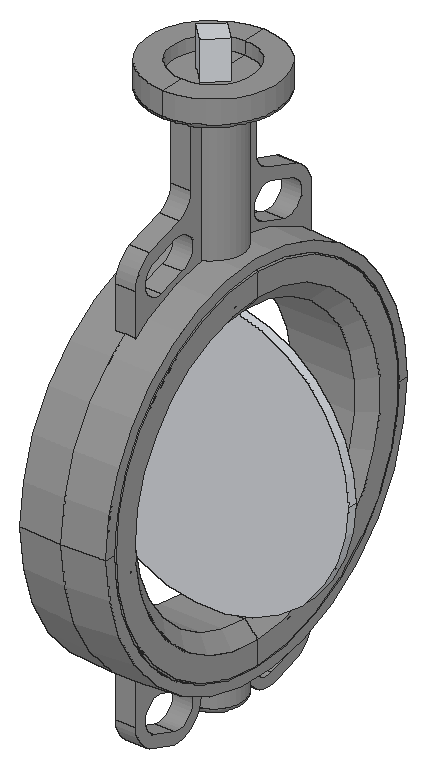
Revit family "HERZ Isolating Butterfly Valves ZF-4219", category Rohrzubehör, Revit 2018 (continued)
Automatic sketch dimensions
  Extrusion 8 sketch curve to Extrusion 8 sketch curve = 9.76 mm  (x2)
  Extrusion 8 sketch curve to Extrusion 8 sketch curve = 46.144 mm
  Extrusion 8 sketch curve to Extrusion 8 sketch curve = 0.006 mm
  Extrusion 8 sketch curve to Extrusion 8 sketch curve = 0.159 mm  (x2)
  Extrusion 8 sketch curve to Extrusion 8 sketch curve = 0.225 mm  (x2)
  Extrusion 8 sketch curve to Extrusion 8 sketch curve = 3.156 mm
  Extrusion 7 sketch curve to Extrusion 7 sketch curve = 0 mm  (x29)
  Extrusion 7 sketch curve to level = 0 mm
  Extrusion 7 sketch curve to plane 1 "Mitte (Vorne/hinten)" = 0 mm
  Extrusion 7 sketch curve to Extrusion 7 sketch curve = 4.987 mm  (x2)
  plane 1 "Mitte (Vorne/hinten)" to Extrusion 7 sketch curve = 42.642 mm
  Extrusion 7 sketch curve to Extrusion 7 sketch curve = 3.28 mm  (x2)
  Extrusion 7 sketch curve to Extrusion 7 sketch curve = 14.935 mm  (x2)
  Extrusion 7 sketch curve to Extrusion 7 sketch curve = 11.589 mm  (x2)
  Extrusion 7 sketch curve to Extrusion 7 sketch curve = 14.868 mm  (x2)
  Extrusion 7 sketch curve to Extrusion 7 sketch curve = 33.628 mm  (x4)
  Extrusion 7 sketch curve to Extrusion 7 sketch curve = 3.946 mm  (x4)
  Extrusion 7 sketch curve to Extrusion 7 sketch curve = 12.021 mm  (x8)
  Extrusion 7 sketch curve to Extrusion 7 sketch curve = 8.075 mm  (x8)
  plane 1 "Mitte (Vorne/hinten)" to Extrusion 7 sketch curve = 21.03 mm
  Extrusion 7 sketch curve to Extrusion 7 sketch curve = 5.5 mm
  Extrusion 7 sketch curve to Extrusion 7 sketch curve = 0.54 mm  (x2)
  Extrusion 7 sketch curve to Extrusion 7 sketch curve = 0.103 mm
  Extrusion 7 sketch curve to Extrusion 7 sketch curve = 1.99 mm  (x2)
  plane 1 "Mitte (Vorne/hinten)" to Extrusion 7 sketch curve = 18.5 mm
  Extrusion 7 sketch curve to plane 1 "Mitte (Vorne/hinten)" = 18.5 mm  (x2)
  Extrusion 7 sketch curve to Extrusion 7 sketch curve = 1.897 mm
  Extrusion 7 sketch curve to Extrusion 7 sketch curve = 2 mm
  Extrusion 7 sketch curve to Extrusion 7 sketch curve = 21.612 mm
  Extrusion 7 sketch curve to level = 59.454 mm  (x2)
  Extrusion 7 sketch curve to Extrusion 7 sketch curve = 10.049 mm  (x4)
  Extrusion 7 sketch curve to Extrusion 7 sketch curve = 20.666 mm  (x2)
  Extrusion 7 sketch curve to Extrusion 7 sketch curve = 1.725 mm  (x2)
  Extrusion 7 sketch curve to Extrusion 7 sketch curve = 12.438 mm  (x4)
  level to Extrusion 7 sketch curve = 59.454 mm  (x2)
  Extrusion 7 sketch curve to Extrusion 7 sketch curve = 15.768 mm  (x2)
  Extrusion 7 sketch curve to Extrusion 7 sketch curve = 0.361 mm  (x2)
  Extrusion 7 sketch curve to Extrusion 7 sketch curve = 69.242 mm
  Extrusion 7 sketch curve to Extrusion 7 sketch curve = 0.014 mm
  Extrusion 7 sketch curve to Extrusion 7 sketch curve = 0.29 mm  (x2)
  Extrusion 6 sketch curve to Extrusion 6 sketch curve = 0 mm  (x31)
  Extrusion 6 sketch curve to level = 0 mm
  Extrusion 6 sketch curve to plane 1 "Mitte (Vorne/hinten)" = 0 mm
  plane 1 "Mitte (Vorne/hinten)" to Extrusion 6 sketch curve = 18.5 mm  (x2)
  Extrusion 6 sketch curve to Extrusion 6 sketch curve = 1.897 mm  (x2)
  Extrusion 6 sketch curve to Extrusion 6 sketch curve = 2 mm
  Extrusion 6 sketch curve to Extrusion 6 sketch curve = 4.154 mm  (x2)
  Extrusion 6 sketch curve to Extrusion 6 sketch curve = 5.603 mm
  Extrusion 6 sketch curve to Extrusion 6 sketch curve = 12 mm  (x2)
  Extrusion 6 sketch curve to Extrusion 6 sketch curve = 21.682 mm  (x2)
  Extrusion 6 sketch curve to Extrusion 6 sketch curve = 2.182 mm  (x2)
  Extrusion 6 sketch curve to Extrusion 6 sketch curve = 11.109 mm  (x4)
  Extrusion 6 sketch curve to Extrusion 6 sketch curve = 30.529 mm  (x4)
  Extrusion 6 sketch curve to Extrusion 6 sketch curve = 4.781 mm  (x4)
  Extrusion 6 sketch curve to Extrusion 6 sketch curve = 1.414 mm  (x8)
  Extrusion 6 sketch curve to Extrusion 6 sketch curve = 7.24 mm  (x8)
  Extrusion 6 sketch curve to Extrusion 6 sketch curve = 12.021 mm  (x8)
  Extrusion 6 sketch curve to plane 1 "Mitte (Vorne/hinten)" = 18.5 mm
  Extrusion 6 sketch curve to Extrusion 6 sketch curve = 7.5 mm
  Extrusion 6 sketch curve to Extrusion 6 sketch curve = 0.103 mm
  Extrusion 6 sketch curve to level = 50.036 mm  (x2)
  Extrusion 6 sketch curve to Extrusion 6 sketch curve = 17.112 mm  (x2)
  Extrusion 6 sketch curve to Extrusion 6 sketch curve = 9.185 mm  (x4)
  Extrusion 6 sketch curve to Extrusion 6 sketch curve = 20.608 mm  (x2)
  Extrusion 6 sketch curve to Extrusion 6 sketch curve = 12.868 mm  (x3)
  Extrusion 6 sketch curve to Extrusion 6 sketch curve = 9.096 mm  (x2)
  level to Extrusion 6 sketch curve = 50.036 mm  (x2)
  Extrusion 6 sketch curve to Extrusion 6 sketch curve = 17 mm
  Extrusion 6 sketch curve to Extrusion 6 sketch curve = 56.845 mm
  Extrusion 6 sketch curve to Extrusion 6 sketch curve = 0.017 mm
  Extrusion 6 sketch curve to Extrusion 6 sketch curve = 0.29 mm  (x2)
  Extrusion 5 sketch curve to Extrusion 5 sketch curve = 0 mm  (x25)
  Extrusion 5 sketch curve to level = 0 mm
  Extrusion 5 sketch curve to plane 1 "Mitte (Vorne/hinten)" = 0 mm
  plane 1 "Mitte (Vorne/hinten)" to Extrusion 5 sketch curve = 18.5 mm  (x2)
  Extrusion 5 sketch curve to Extrusion 5 sketch curve = 0.579 mm  (x2)
  Extrusion 5 sketch curve to Extrusion 5 sketch curve = 1.897 mm  (x2)
  Extrusion 5 sketch curve to Extrusion 5 sketch curve = 0.103 mm
  Extrusion 5 sketch curve to Extrusion 5 sketch curve = 5.603 mm
  Extrusion 5 sketch curve to Extrusion 5 sketch curve = 15.942 mm  (x4)
  Extrusion 5 sketch curve to Extrusion 5 sketch curve = 13 mm  (x2)
  Extrusion 5 sketch curve to Extrusion 5 sketch curve = 11.367 mm  (x4)
  Extrusion 5 sketch curve to Extrusion 5 sketch curve = 25.663 mm  (x4)
  Extrusion 5 sketch curve to Extrusion 5 sketch curve = 4.027 mm  (x4)
  Extrusion 5 sketch curve to Extrusion 5 sketch curve = 12.021 mm  (x5)
  Extrusion 5 sketch curve to Extrusion 5 sketch curve = 9.55 mm  (x4)
  Extrusion 5 sketch curve to Extrusion 5 sketch curve = 7.5 mm
  Extrusion 5 sketch curve to plane 1 "Mitte (Vorne/hinten)" = 18.5 mm  (x2)
  Extrusion 5 sketch curve to Extrusion 5 sketch curve = 2 mm
  Extrusion 5 sketch curve to level = 38.887 mm  (x2)
  Extrusion 5 sketch curve to Extrusion 5 sketch curve = 10.986 mm  (x3)
  Extrusion 5 sketch curve to Extrusion 5 sketch curve = 10.231 mm  (x3)
  Extrusion 5 sketch curve to Extrusion 5 sketch curve = 10.467 mm  (x4)
  Extrusion 5 sketch curve to Extrusion 5 sketch curve = 12.18 mm  (x2)
  Extrusion 5 sketch curve to Extrusion 5 sketch curve = 12.641 mm  (x4)
  Extrusion 5 sketch curve to Extrusion 5 sketch curve = 9.983 mm  (x2)
  level to Extrusion 5 sketch curve = 38.887 mm  (x2)
  Extrusion 5 sketch curve to Extrusion 5 sketch curve = 21.217 mm
  Extrusion 5 sketch curve to Extrusion 5 sketch curve = 16.969 mm  (x2)
  Extrusion 5 sketch curve to Extrusion 5 sketch curve = 51.117 mm
  Extrusion 5 sketch curve to Extrusion 5 sketch curve = 0.01 mm
  Extrusion 5 sketch curve to Extrusion 5 sketch curve = 0.29 mm  (x2)
  level to Extrusion 5 sketch curve = 49.873 mm
  Extrusion 4 sketch curve to Extrusion 4 sketch curve = 0 mm  (x28)
  Extrusion 4 sketch curve to level = 0 mm
  Extrusion 4 sketch curve to plane 1 "Mitte (Vorne/hinten)" = 0 mm
  plane 1 "Mitte (Vorne/hinten)" to Extrusion 4 sketch curve = 18.5 mm  (x2)
  Extrusion 4 sketch curve to Extrusion 4 sketch curve = 1.897 mm  (x2)
  Extrusion 4 sketch curve to Extrusion 4 sketch curve = 0.103 mm  (x2)
  Extrusion 4 sketch curve to Extrusion 4 sketch curve = 5.603 mm  (x2)
  Extrusion 4 sketch curve to Extrusion 4 sketch curve = 12.115 mm  (x4)
  Extrusion 4 sketch curve to Extrusion 4 sketch curve = 9 mm  (x2)
  Extrusion 4 sketch curve to Extrusion 4 sketch curve = 11.39 mm  (x2)
  Extrusion 4 sketch curve to Extrusion 4 sketch curve = 7.005 mm  (x2)
  Extrusion 4 sketch curve to Extrusion 4 sketch curve = 22.772 mm  (x4)
  Extrusion 4 sketch curve to Extrusion 4 sketch curve = 4.597 mm  (x4)
  Extrusion 4 sketch curve to Extrusion 4 sketch curve = 1.485 mm  (x4)
  Extrusion 4 sketch curve to Extrusion 4 sketch curve = 12.021 mm  (x4)
  Extrusion 4 sketch curve to Extrusion 4 sketch curve = 9.247 mm  (x4)
  Extrusion 4 sketch curve to plane 1 "Mitte (Vorne/hinten)" = 18.5 mm  (x2)
  Extrusion 4 sketch curve to level = 31.935 mm  (x2)
  Extrusion 4 sketch curve to Extrusion 4 sketch curve = 1.34 mm  (x4)
  Extrusion 4 sketch curve to Extrusion 4 sketch curve = 10.245 mm  (x4)
  Extrusion 4 sketch curve to Extrusion 4 sketch curve = 9.866 mm  (x4)
  Extrusion 4 sketch curve to Extrusion 4 sketch curve = 9.447 mm  (x4)
  Extrusion 4 sketch curve to Extrusion 4 sketch curve = 11.077 mm  (x4)
  Extrusion 4 sketch curve to Extrusion 4 sketch curve = 11.926 mm  (x2)
  level to Extrusion 4 sketch curve = 31.935 mm  (x2)
  Extrusion 4 sketch curve to Extrusion 4 sketch curve = 12.62 mm  (x2)
  Extrusion 4 sketch curve to Extrusion 4 sketch curve = 12.99 mm  (x2)
  Extrusion 4 sketch curve to Extrusion 4 sketch curve = 41.354 mm
  Extrusion 4 sketch curve to Extrusion 4 sketch curve = 0.018 mm
  Extrusion 4 sketch curve to Extrusion 4 sketch curve = 0.29 mm  (x2)
  Extrusion 3 sketch curve to Extrusion 3 sketch curve = 0 mm  (x23)
  Extrusion 3 sketch curve to level = 0 mm
  Extrusion 3 sketch curve to plane 1 "Mitte (Vorne/hinten)" = 0 mm
  plane 1 "Mitte (Vorne/hinten)" to Extrusion 3 sketch curve = 18 mm
  Extrusion 3 sketch curve to Extrusion 3 sketch curve = 1.897 mm  (x2)
  Extrusion 3 sketch curve to Extrusion 3 sketch curve = 0.103 mm  (x2)
  plane 1 "Mitte (Vorne/hinten)" to Extrusion 3 sketch curve = 22.391 mm
  Extrusion 3 sketch curve to Extrusion 3 sketch curve = 1.414 mm  (x14)
  Extrusion 3 sketch curve to Extrusion 3 sketch curve = 6.103 mm  (x2)
  Extrusion 3 sketch curve to Extrusion 3 sketch curve = 2 mm  (x2)
  Extrusion 3 sketch curve to Extrusion 3 sketch curve = 7.709 mm  (x4)
  Extrusion 3 sketch curve to Extrusion 3 sketch curve = 13.318 mm  (x5)
  Extrusion 3 sketch curve to Extrusion 3 sketch curve = 15.842 mm  (x5)
  Extrusion 3 sketch curve to Extrusion 3 sketch curve = 10.233 mm
  Extrusion 3 sketch curve to Extrusion 3 sketch curve = 3.184 mm  (x7)
  Extrusion 3 sketch curve to Extrusion 3 sketch curve = 6.315 mm  (x8)
  Extrusion 3 sketch curve to Extrusion 3 sketch curve = 3.021 mm  (x4)
  Extrusion 3 sketch curve to Extrusion 3 sketch curve = 5.303 mm  (x8)
  Extrusion 3 sketch curve to level = 23.805 mm  (x2)
  Extrusion 3 sketch curve to Extrusion 3 sketch curve = 3.106 mm  (x6)
  level to Extrusion 3 sketch curve = 23.805 mm  (x2)
  Extrusion 3 sketch curve to Extrusion 3 sketch curve = 6.654 mm  (x4)
  Extrusion 3 sketch curve to Extrusion 3 sketch curve = 9.77 mm  (x4)
  Extrusion 3 sketch curve to plane 1 "Mitte (Vorne/hinten)" = 18 mm
  Extrusion 3 sketch curve to plane 1 "Mitte (Vorne/hinten)" = 22.391 mm
  Extrusion 3 sketch curve to Extrusion 3 sketch curve = 5.708 mm  (x2)
  Extrusion 3 sketch curve to Extrusion 3 sketch curve = 3.131 mm
  level to Extrusion 3 sketch curve = 42.831 mm
  Extrusion 3 sketch curve to Extrusion 3 sketch curve = 4.045 mm
  Extrusion 3 sketch curve to Extrusion 3 sketch curve = 12.379 mm
  Extrusion 3 sketch curve to Extrusion 3 sketch curve = 68.43 mm
  Extrusion 3 sketch curve to Extrusion 3 sketch curve = 0.003 mm
  Extrusion 3 sketch curve to Extrusion 3 sketch curve = 0.316 mm  (x2)
  curve 12 to level = 0 mm
  curve 12 to plane 3 "Mitte (Links/rechts)" = 0 mm
  plane 1 "Mitte (Vorne/hinten)" to curve 6 = 0 mm
  curve 6 to plane 3 "Mitte (Links/rechts)" = 0 mm
  Revolve 1 sketch curve to plane 1 "Mitte (Vorne/hinten)" = 0 mm
  Revolve 1 sketch curve to Revolve 1 sketch curve = 0.987 mm
  Revolve 1 sketch curve to Revolve 1 sketch curve = 1.5 mm  (x3)
  Revolve 1 sketch curve to Revolve 1 sketch curve = 0.513 mm  (x2)
  Revolve 1 sketch curve to Revolve 1 sketch curve = 0.915 mm  (x2)
  Revolve 1 sketch curve to Revolve 1 sketch curve = 1978.5 mm  (x2)
  Revolve 11 sketch curve to plane 1 "Mitte (Vorne/hinten)" = 0 mm  (x2)
  Revolve 11 sketch curve to Revolve 11 sketch curve = 3 mm
  Revolve 11 sketch curve to Revolve 11 sketch curve = 459.992 mm
  level to Revolve 11 sketch curve = 2741.474 mm
  Revolve 12 sketch curve to plane 1 "Mitte (Vorne/hinten)" = 0 mm  (x3)
  Revolve 12 sketch curve to Revolve 12 sketch curve = 1.895 mm
  Revolve 12 sketch curve to Revolve 12 sketch curve = 2 mm  (x2)
  Revolve 12 sketch curve to Revolve 12 sketch curve = 0.105 mm
  Revolve 12 sketch curve to level = 520.992 mm
  Revolve 12 sketch curve to Revolve 12 sketch curve = 2616.474 mm
  Revolve 13 sketch curve to level = 0 mm
  Revolve 13 sketch curve to Revolve 13 sketch curve = 1.492 mm
  Revolve 13 sketch curve to Revolve 13 sketch curve = 0.18 mm  (x2)
  Revolve 13 sketch curve to Revolve 13 sketch curve = 5.027 mm
  Revolve 13 sketch curve to Revolve 13 sketch curve = 1 mm
  Revolve 13 sketch curve to Revolve 13 sketch curve = 0.999 mm  (x2)
  Revolve 13 sketch curve to Revolve 13 sketch curve = 0.27 mm
  Revolve 13 sketch curve to Revolve 13 sketch curve = 0.957 mm
  Revolve 13 sketch curve to Revolve 13 sketch curve = 1328.99 mm
  Revolve 13 sketch curve to Revolve 13 sketch curve = 1875.983 mm
  Extrusion 14 sketch curve to level = 0 mm
  Extrusion 14 sketch curve to plane 3 "Mitte (Links/rechts)" = 0 mm
  radius of Extrusion 10 sketch curve = 12 mm  (x4)
  radius of Extrusion 9 sketch curve = 9.5 mm  (x4)
  radius of Extrusion 9 sketch curve = 14 mm  (x4)
  radius of Extrusion 7 sketch curve = 11.5 mm  (x4)
  radius of Extrusion 7 sketch curve = 9.5 mm  (x4)
  radius of Extrusion 6 sketch curve = 9.5 mm  (x8)
  radius of Extrusion 5 sketch curve = 9.5 mm  (x8)
  radius of Extrusion 4 sketch curve = 9.5 mm  (x8)
  radius of curve 12 = 7 mm
  radius of curve 6 = 5 mm
Nested families
  nested 1: "Herz-Logo-vorne" at (-20, 0, 145.5), type "Herz-Logo-vorne"
Connectors
  piping at (30.75, 0, 0), diameter 200, driven by "Nennweite"
    settings: on Revolve 13, index 1, connector inside diameter 609.6 mm, connector length 0 mm, flow factor 0, pipe flow 0.0 L/s, pressure drop 0.0 Pa, fitting loss kfactor 0, connector angle 0.00°, fixture units 0, engagement length 0 mm, angle of deflection 0.00°, flow configuration 0, flow direction 0, fitting loss method 0, system type 29, joint type 0, gender type 0, connector reference index -1, connector utility 0, adjustable connector no, is connector primary yes, connector description ""
  piping at (-30.75, 0, 0), diameter 200, driven by "Nennweite"
    settings: on Revolve 13, index 2, connector inside diameter 609.6 mm, connector length 0 mm, flow factor 0, pipe flow 0.0 L/s, pressure drop 0.0 Pa, fitting loss kfactor 0, connector angle 0.00°, fixture units 0, engagement length 0 mm, angle of deflection 0.00°, flow configuration 0, flow direction 0, fitting loss method 0, system type 29, joint type 0, gender type 0, connector reference index -1, connector utility 0, adjustable connector no, is connector primary no, connector description ""
Definition of nested family "Herz-Logo-vorne"
  Reference planes
    plane 1 "Mitte (Vorne/hinten)": y = 0
    plane 2: z = 0
    plane 3 "Mitte (Links/rechts)": x = 0
  Forms (mm)
    Extrusion 1, solid
      sketch origin (0.732, -0.018, 0.017) x (0, -1, 0) y (0, 0, 1)
        loop
          line (-0.018, -4.517) -> (4.482, -4.517) -> (4.482, 4.483) -> (-4.518, 4.483) -> (-4.518, -4.517) -> (-0.018, -4.517)
        loop
          line (-0.05, -3.48) -> (3.482, -3.48) -> (3.482, 3.483) -> (-3.518, 3.483) -> (-3.518, -3.48) -> (-0.05, -3.48)
        loop
          arc (-0.018, 2.383) -> (-1.543, 3.287) -> (-3.067, 2.383) r 1.738
          arc (-3.067, 2.383) -> (-3.191, 1.899) -> (-3.067, 1.415) r 1.009
          line (-3.067, 1.415) -> (-0.018, -3.281) -> (3.032, 1.415)
          arc (3.032, 1.415) -> (3.156, 1.899) -> (3.032, 2.383) r 1.009
          arc (3.032, 2.383) -> (1.507, 3.287) -> (-0.018, 2.383) r 1.738
        loop
          arc (1.885, 1.272) -> (2.005, 1.675) -> (1.885, 2.079) r 0.74
          arc (1.885, 2.079) -> (1.265, 2.416) -> (0.644, 2.079) r 0.74
          line (0.644, 2.079) -> (-0.018, 0.97) -> (-0.679, 2.079)
          arc (-0.679, 2.079) -> (-1.3, 2.416) -> (-1.921, 2.079) r 0.74
          arc (-1.921, 2.079) -> (-2.04, 1.675) -> (-1.921, 1.272) r 0.74
          line (-1.921, 1.272) -> (-0.018, -1.658) -> (1.885, 1.272)
      from 0 to 1.5
  Dimensions and locks
    aligned and locked: level to plane 2
